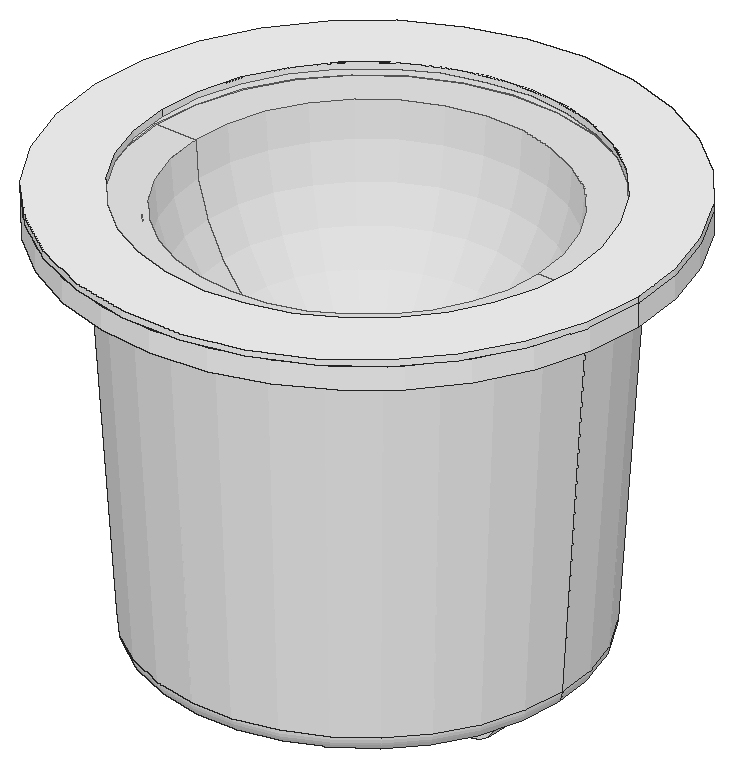
Revit family "2058963", category Lighting Fixtures, host Face, Revit 2018
Family settings
  Host = Face
  Round Connector Dimension = Use Diameter
  Part Type = Normal
  OmniClass Number = 23.80.70.11.17
  OmniClass Title = Specialized Lighting by Location or Use
  Cut with Voids When Loaded = No
  Light Source = Yes
  Shared = No
  Room Calculation Point = No
Parameters (values of type "2058963 MYRIAD DECO IP65 SP 4K DALI EM BK CBEZ")
  Weight = "n/a"
  Wattage = 15 W
  WarrantyStartDate [instance] = "n/a"
  WarrantyGuarantorParts = "n/a"
  WarrantyDurationUnit = "n/a"
  WarrantyDurationParts = ""
  WarrantyDescription = "http://www.sylvania-lighting.com"
  built-in parameter 1150110 = 1 (stored number, unit not read)
  Voltage = 230 V
  URL = "0"
  TypeName = "MYRIAD DECO IP65 SPOT 4000K DALI EM BLACK CBEZ"
  Type Image = 0
  Type Comments = ""
  built-in parameter 1114217 = 1 (stored number, unit not read)
  Tilt Angle = -90°
  built-in parameter 1150109 = 1 (stored number, unit not read)
  built-in parameter 1150134 = (empty or 0)
  built-in parameter 1150113 = 1 (stored number, unit not read)
  SerialNumber [instance] = "n/a"
  Reflector Radius = Cutout Diameter / 2 - 2.5 mm  # 35.0 mm
  Reflector Material = Aluminum_Sylvania_Myriad_Bright
  Recessed Depth = Height  # 72.0 mm
  PowerFactor = 0
  PowerConsumption = "Lighting"
  Photometric Web File = "2058963.ies"
  NominalWidth = 0.0 mm
  NominalLength = 76.0 mm
  NominalHeight = 72.0 mm
  Name = "MYRIAD DECO IP65 SPOT 4000K DALI EM BLACK CBEZ"
  ModelReference = "MYRIAD DECO IP65 SPOT 4000K DALI EM BLACK CBEZ"
  ModelNumber = "2058963"
  Material = "Feilo Sylvania"
  ManufacturerName = "94 lm/W"
  LuminousEfficacy = ""
  LuminaireType = "0"
  LightOutputRatio = "LED"
  LampsType = Lamp  # "n/a"
  LampNominalLuminous = "4000 K"
  LampMacAdamStep = "90"
  LampColourTemperature = "LED"
  LampColourRenderingIndex = "16500"
  Keynote = "n/a"
  Keynote_2 = "16500"
  InstallationDate [instance] = "n/a"
  InputVoltage = "0"
  InputNominalFrequency = "4000"
  IngressProtection = "IfcLightFixtureType"
  ImpactProtectionIndex = "IfcLightFixtureType"
  IfcExportType = "IfcLightFixtureType"
  IfcExportAs = "Class II"
  Height = 72.0 mm  # constant formula
  ExpectedLife = 50000
  Emit from Circle Diameter = Accessory Inner Diameter 2  # 68.0 mm
  Emit Shape Visible in Rendering = no
  ElectricShockClassification = "94"
  DurationUnit = "hours"
  DocumentationLiterature = "http://www.sylvania-lighting.com/product/en-int/products/2058963"
  DimmingControlOptions = "n/a"
  Diffuser Material = Glass_Sylvania_Myriad_Clear_4000K
  Diffuser Diameter = Cutout Diameter  # 75.0 mm
  Cutout Diameter = 75.0 mm  # constant formula
  CreatedOn = "03/02/2022"
  CreatedBy = "@sylvania-lighting.com"
  built-in parameter 1001205 = 0
  Cost = 0
  built-in parameter 1114216 [instance] = 1 (stored number, unit not read)
  Model = "MYRIAD DECO IP65 SPOT 4000K DALI EM BLACK CBEZ"
  Manufacturer = "Feilo Sylvania"  # constant formula
  built-in parameter 1150105 = 83.556 (stored number, unit not read)
  Lumens = 1050 lm
  built-in parameter 1150115 = 1 (stored number, unit not read)
  built-in parameter 1150137 = (empty or 0)
  built-in parameter 1150139 = (empty or 0)
  built-in parameter 1150112 = 1 (stored number, unit not read)
  built-in parameter 1150114 = 1 (stored number, unit not read)
  Lamp = "n/a"
  built-in parameter 1150132 = (empty or 0)
  built-in parameter 1150102 = (empty or 0)
  built-in parameter 1150107 = 2700 (stored number, unit not read)
  built-in parameter 1150138 = (empty or 0)
  built-in parameter 1150106 = 0.83556 (stored number, unit not read)
  built-in parameter 1150104 = 6.5032 (stored number, unit not read)
  Dimming Lamp Color Temperature Shift = <None>
  Description = "Supplied complete with electronic control gear Compact Fluorescent low energy downlight Emergency version passes through the cut out Ideal for low level orientation lighting New range of Architectural accessories each providing a different lit dimension New completely flush plaster up accessory ring for clean ceiling lines and smooth finish Order lamp separately"  # constant formula
  Default Elevation = 0.0 mm
  Color Filter = 16777215
  built-in parameter 1140040 [instance] = 1
  Body Radius = Reflector Radius + 1.5 mm  # 36.5 mm
  Body Material = Aluminum_Sylvania_Myriad_Gray
  BarCode [instance] = "n/a"
  built-in parameter 1114218 = 1 (stored number, unit not read)
  built-in parameter 1150133 = 10 (stored number, unit not read)
  AssetType = "Fixed"
  AssetIdentifier [instance] = "n/a"
  Assembly Code = "D5020200"
  Apparent Load = 12 VA
  Accessory Material = Aluminum_Sylvania_Myriad_White
  Accessory Inner Diameter 2 = Accessory Diameter - 22.0 mm  # 68.0 mm
  Accessory Inner Diameter 1 = Accessory Diameter - 2.0 mm  # 88.0 mm
  Accessory Diameter = Cutout Diameter + 15.0 mm  # 90.0 mm
Reference planes
  plane 1 "Center (Front/Back)": y = 0
  plane 2: z = 0
  plane 3 "Center (Left/Right)": x = 0
  plane 4: z = 2
  plane 5 "Fixture Bottom": z = 4.5
  plane 6: z = -28.5
  plane 7: z = -61.5
  plane 8 "Fixture Top": z = -67.5
  plane 9: z = 3.5
Forms (mm)
  Revolve 1, solid, material "Aluminum_Sylvania_Myriad_Bright" <- "Reflector Material", detail levels fine
    sketch origin (0, 0, 0) x (1, 0, 0) y (0, 0, 1)
      loop
        line (0, -27.515) -> (-6, -27.515)
        arc (-6, -27.515) -> (-22.333, -16.632) -> (-28.5, 2) r 30.135
        line (-28.5, 2) -> (-35, 2) -> (-35, 0) -> (-29.184, 0)
        arc (-29.184, 0) -> (-22.423, -18.18) -> (-6, -28.5) r 30.204
        line (-6, -28.5) -> (0, -28.5) -> (0, -27.515)
      axis (0, -28.5) -> (0, 2)
    angle from 0 to 360
  Revolve 2, solid, material "Aluminum_Sylvania_Myriad_Gray" <- "Body Material", detail levels fine
    sketch origin (0, 0, 0) x (1, 0, 0) y (0, 0, 1)
      loop
        line (-44, 2) -> (-44, 0) -> (-36.5, 0) -> (-32.42, -58.708)
        arc (-32.42, -58.708) -> (-31.474, -60.694) -> (-29.428, -61.5) r 3
        line (-29.428, -61.5) -> (0, -61.5) -> (0, -28.5) -> (-6, -28.5)
        arc (-6, -28.5) -> (-22.423, -18.18) -> (-29.184, 0) r 30.204
        line (-29.184, 0) -> (-35, 0) -> (-35, 2) -> (-44, 2)
      axis (0, 2) -> (0, -61.5)
    angle from 0 to 360
  Extrusion 3, solid, material "Aluminum_Sylvania_Myriad_Gray" <- "Body Material", detail levels fine
    sketch origin (0, 0, 0) x (1, 0, 0) y (0, 0, 1)
      loop
        line (-13.5, -67.5) -> (21, -67.5)
        arc (21, -67.5) -> (23.828, -66.328) -> (25, -63.5) r 4
        line (25, -63.5) -> (25, -61.5) -> (-17.5, -61.5) -> (-17.5, -63.5)
        arc (-17.5, -63.5) -> (-16.328, -66.328) -> (-13.5, -67.5) r 4
    from -4.5 to 4.5
  Extrusion 4, solid, material "Aluminum_Sylvania_Myriad_White" <- "Accessory Material", detail levels fine
    sketch origin (0, 0, 0) x (1, 0, 0) y (0, 1, 0)
      loop
        circle (0, 0) r 45
      loop
        circle (0, 0) r 44
    from 0 to 3.5
  Extrusion 5, solid, material "Aluminum_Sylvania_Myriad_White" <- "Accessory Material", detail levels fine
    sketch origin (0, 0, 0) x (1, 0, 0) y (0, 1, 0)
      loop
        circle (0, 0) r 45
      loop
        circle (0, 0) r 34
    from 3.5 to 4.5
  Extrusion 6, solid, material "Aluminum_Sylvania_Myriad_White" <- "Accessory Material", detail levels coarse+medium
    sketch origin (0, 0, 0) x (1, 0, 0) y (0, 1, 0)
      loop
        circle (0, 0) r 45
    from 0 to 4.5
  Revolve 7, solid, detail levels coarse+medium
    sketch origin (0, 0, 0) x (1, 0, 0) y (0, 0, 1)
      loop
        line (36.5, 0) -> (0, 0) -> (0, -61.5) -> (32.226, -61.5) -> (36.5, 0)
      axis (0, 0) -> (0, -61.5)
    angle from 0 to 360
  Extrusion 8, void
    sketch origin (0, 0, 0) x (1, 0, 0) y (0, 1, 0)
      loop
        circle (0, 0) r 37.5
    from -67.5 to 0
  Extrusion 9, solid, material "Glass_Sylvania_Myriad_Clear_4000K" <- "Diffuser Material", detail levels fine
    sketch origin (0, 0, 0) x (1, 0, 0) y (0, 1, 0)
      loop
        circle (0, 0) r 37.5
    from 2 to 3.5
Cuts and joins
  joined: Extrusion 4, Extrusion 5
Lines and regions (mm)
  Masking region 1
    outline origin (0, 0, 0) x (1, 0, 0) y (0, 1, 0)
      loop
        circle (0, 0) r 45
  symbolic lines
    curve 1: arc (-34, 0, 0) -> (0, 34, 0) -> (34, 0, 0) r 34
    curve 2: arc (34, 0, 0) -> (0, -34, 0) -> (-34, 0, 0) r 34
Dimensions and locks
  locked: plane 7 to plane 8 "Fixture Top" at 6
  "Body Radius": Revolve 7 sketch curve to plane 3 "Center (Left/Right)"
  locked: Revolve 7 sketch curve to Revolve 7 sketch curve at 4.274
  plane 5 "Fixture Bottom" to plane 9 to plane 4 to plane 2 to plane 6 = 1.0 mm locked, 1.5 mm locked, 2.0 mm locked, 28.5 mm locked
  "Reflector Radius": Revolve 1 sketch curve to plane 3 "Center (Left/Right)"
  Revolve 1 sketch curve to Revolve 1 sketch curve to Revolve 1 sketch curve to Revolve 1 sketch curve = 6.5 mm locked, 22.5 mm locked, 0.0 mm locked
  "Reflector Radius": plane 3 "Center (Left/Right)" to Revolve 2 sketch curve
  Revolve 2 sketch curve to Revolve 2 sketch curve to Revolve 2 sketch curve = 7.5 mm locked, 1.5 mm locked
  Revolve 2 sketch curve to Revolve 2 sketch curve to Revolve 2 sketch curve = 5.816 mm locked, 23.184 mm locked
  Revolve 2 sketch curve to Revolve 2 sketch curve to Revolve 2 sketch curve = 2.58 mm locked, 2.993 mm locked
  "Accessory Diameter": diameter of Extrusion 4 sketch curve
  "Accessory Inner Diameter 1": diameter of Extrusion 4 sketch curve
  "Accessory Diameter": diameter of Extrusion 5 sketch curve
  "Accessory Diameter": diameter of Extrusion 6 sketch curve
  "Cutout Diameter": diameter of Extrusion 8 sketch curve
  "Accessory Inner Diameter 2": diameter of Extrusion 5 sketch curve
  "Diffuser Diameter": diameter of Extrusion 9 sketch curve
  aligned and locked: plane 2 to host face
  aligned and locked: level to host face
  aligned and locked: plane 1 "Center (Front/Back)" to imposter light
  aligned and locked: plane 3 "Center (Left/Right)" to imposter light
  aligned and locked: Revolve 1 sketch curve to imposter light
  aligned and locked: Extrusion 3 sketch curve to plane 8 "Fixture Top"
  aligned and locked: plane 7 to Extrusion 3 sketch curve
  aligned and locked: Extrusion 4 to plane 2
  aligned and locked: plane 9 to Extrusion 4
  aligned and locked: Extrusion 5 to plane 9
  aligned and locked: plane 5 "Fixture Bottom" to Extrusion 5
  aligned and locked: Extrusion 6 to plane 2
  aligned and locked: plane 5 "Fixture Bottom" to Extrusion 6
  aligned and locked: Extrusion 8 to plane 8 "Fixture Top"
  aligned and locked: plane 2 to Extrusion 8
  aligned and locked: Masking region 1 sketch curve to Extrusion 6  (x2)
  aligned and locked: Extrusion 9 to plane 4
  aligned and locked: plane 9 to Extrusion 9
  aligned and locked: plane 4 to Revolve 2 sketch curve
  aligned and locked: Revolve 2 sketch curve to plane 2
  aligned and locked: curve 1 to cut or joined group of Extrusion 4, Extrusion 5
  aligned and locked: curve 2 to cut or joined group of Extrusion 4, Extrusion 5
  aligned and locked: imposter light to plane 5 "Fixture Bottom"
Automatic sketch dimensions
  host sketch curve to host sketch curve = 1305.563 mm
  host sketch curve to host sketch curve = 1283.632 mm
  Extrusion 3 sketch curve to plane 7 = 2.0 mm
  Extrusion 3 sketch curve to plane 3 "Center (Left/Right)" = 13.5 mm
  plane 3 "Center (Left/Right)" to Extrusion 3 sketch curve = 21.0 mm
  Extrusion 3 sketch curve to Extrusion 3 sketch curve = 4.0 mm
  Revolve 1 sketch curve to level = 0.0 mm
  Revolve 1 sketch curve to plane 3 "Center (Left/Right)" = 0.0 mm
  Revolve 1 sketch curve to plane 6 = 0.0 mm
  Revolve 1 sketch curve to plane 4 = 0.0 mm
  Revolve 1 sketch curve to Revolve 1 sketch curve = 0.684 mm
  level to Revolve 1 sketch curve = 0.88 mm
  Revolve 1 sketch curve to plane 4 = 0.363 mm
  Revolve 1 sketch curve to Revolve 1 sketch curve = 0.625 mm
  Revolve 1 sketch curve to plane 8 "Fixture Top" = 232.8 mm
  plane 5 "Fixture Bottom" to Revolve 1 sketch curve = 291.243 mm
  Revolve 2 sketch curve to plane 3 "Center (Left/Right)" = 0.0 mm  (x2)
  Revolve 2 sketch curve to plane 7 = 0.0 mm
  Revolve 2 sketch curve to plane 6 = 0.0 mm
  Revolve 2 sketch curve to level = 0.0 mm
  level to Revolve 2 sketch curve = 0.88 mm
  plane 7 to Revolve 2 sketch curve = 2.792 mm
  Revolve 2 sketch curve to plane 8 "Fixture Top" = 304.774 mm
  plane 5 "Fixture Bottom" to Revolve 2 sketch curve = 1137.105 mm
  Extrusion 4 sketch curve to Extrusion 4 sketch curve = 0.0 mm  (x2)
  plane 1 "Center (Front/Back)" to Extrusion 4 sketch curve = 0.0 mm
  Extrusion 4 sketch curve to plane 3 "Center (Left/Right)" = 0.0 mm
  Extrusion 5 sketch curve to Extrusion 5 sketch curve = 0.0 mm  (x2)
  plane 1 "Center (Front/Back)" to Extrusion 5 sketch curve = 0.0 mm
  Extrusion 5 sketch curve to plane 3 "Center (Left/Right)" = 0.0 mm
  plane 1 "Center (Front/Back)" to Extrusion 6 sketch curve = 0.0 mm
  Extrusion 6 sketch curve to plane 3 "Center (Left/Right)" = 0.0 mm
  Revolve 7 sketch curve to level = 0.0 mm
  Revolve 7 sketch curve to plane 3 "Center (Left/Right)" = 0.0 mm  (x2)
  Revolve 7 sketch curve to plane 7 = 0.0 mm
  Revolve 7 sketch curve to plane 8 "Fixture Top" = 304.774 mm
  plane 5 "Fixture Bottom" to Revolve 7 sketch curve = 43.226 mm
  plane 1 "Center (Front/Back)" to Extrusion 8 sketch curve = 0.0 mm
  Extrusion 8 sketch curve to plane 3 "Center (Left/Right)" = 0.0 mm
  plane 1 "Center (Front/Back)" to Extrusion 9 sketch curve = 0.0 mm
  Extrusion 9 sketch curve to plane 3 "Center (Left/Right)" = 0.0 mm
Connectors
  electrical at (-0.006, -0.019, -67.5), driven by "Apparent Load", driven by "Apparent Load"
    settings: on plane 8 "Fixture Top", index 1, voltage 230 V, apparent load 12 VA, apparent load phase1 12 VA, apparent load phase2 0 VA, apparent load phase3 0 VA, power factor 1, load classification "Lighting", number of poles 1, system type 30, power factor state 1, is connector primary yes, connector utility no, sub classification motor no, connector description ""
